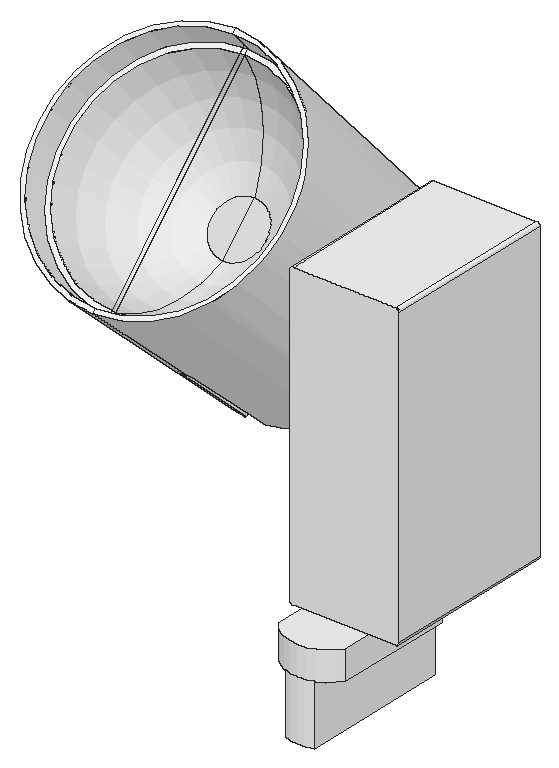
Revit family "0004930 Feilo Sylvania Lighting Fixture START TRACK SPOT L DALI 4405LM 930 WB WHT", category Lighting Fixtures, host Face, Revit 2017
Family settings
  Host = Face
  Round Connector Dimension = Use Diameter
  Part Type = Normal
  OmniClass Number = 23.80.70.00
  OmniClass Title = Lighting
  Cut with Voids When Loaded = No
  Light Source = No
  Shared = No
  Room Calculation Point = No
Parameters (values of type "0004930 START TRACK SPOT L DALI 4405LM 930 WB WHT")
  Weight = "1.398 kg"
  Wattage Comments = ""
  WarrantyStartDate [instance] = "n/a"
  WarrantyGuarantorParts = "n/a"
  WarrantyDurationUnit = "n/a"
  WarrantyDurationParts = "n/a"
  WarrantyDescription = "n/a"
  Voltage = 230 V
  URL = "http://www.sylvania-lighting.com/"
  TypeName = "START TRACK SPOT L DALI 4405LM 930 WB WHT"
  TypeHead_FEILO = Start Track Spot Head : 0004870 START TRACK SPOT L 55W 3K RA90 WB WHITE
  TypeBox_FEILO = Start Track Spot Box : Type Large White
  Type Image = <None>
  Type Comments = "n/a"
  VerticalRotation_FEILO [instance] = 0.00°
  SlideEndAngle_FEILO [instance] = VerticalRotation_FEILO + 180.00°  # 180.00°
  SerialNumber [instance] = "n/a"
  Material_3_FEILO = none
  PowerFactor = 0.96
  PowerConsumption = "55 W"
  NominalLength = 0 mm
  NominalHeight = 240 mm
  NominalDepth = 164 mm
  Name = "START TRACK SPOT L DALI 4405LM 930 WB WHT"
  ModelReference = Name  # "START TRACK SPOT L DALI 4405LM 930 WB WHT"
  ModelNumber = "0004930"
  Model = Name  # "START TRACK SPOT L DALI 4405LM 930 WB WHT"
  Material = "adc12 aluminium housing, polycarbonate diffuser"
  ManufacturerName = "Feilo Sylvania"
  Manufacturer = "Feilo Sylvania"
  LuminousEfficacy = "80 lm/W"
  LuminaireType = ""
  LightOutputRatio = "100"
  LampsType = Lamp  # "LED"
  LampNominalLuminous = "4405 lm"
  LampMacAdamStep = "3"
  LampColourTemperature = "3000 K"
  LampColourRenderingIndex = "90"
  Lamp = "LED"
  Keynote = "16500"
  InstallationDate [instance] = "n/a"
  InputVoltage = "230-240V~"
  InputNominalFrequency = "50/60 Hz"
  IngressProtection = "IP20"
  ImpactProtectionIndex = "IK02"
  IfcExportType = "IfcLightFixtureType"
  IfcExportAs = "IfcLightFixtureType"
  HorizontalRotation_FEILO [instance] = 45.00°
  ExpectedLife = 50000
  ElectricShockClassification = "Class II"
  DurationUnit = "hours"
  DocumentationLiterature = "http://www.sylvania-lighting.com/product/en-int/products/0004870"
  DimmingControlOptions = "Dimmable"
  Material_2_FEILO = none
  Description = "Integrated LED spotlight, Textured White - RAL9016, compact and minimalist design, ideal for retail applications, die-cast aluminium body, passive cooling heatsink. Beam angle: 52°, color temperature: 3000K , total system power: 55W, total fixture output: 4405 lm, LOR: 100%, colour rendering: Ra: 90 typical, LED Chromaticity: 3 step MacAdam ellipse, lifetime: >50000 hours at L70B50, energy class: A++, A+, A, IR/UV free light source without heat radiation, operating voltage: 220-240V / 50-60Hz, drive current: 1400mA, electronic driver, non-dimmable, power factor: 0.96, electrical protection: Class II, Global Track 3 Phase adapter suitable for Global trac 3-circuit tracks, ingress protection rating: IP20, suitable for internal environment only, horizontal rotation: 355°, vertical tilt: 90°, dimensions: Ø113x164x240, weight: 1.398kg."
  Default Elevation = 1219.2 mm
  CreatedOn = "04/26/2018"
  CreatedBy = ""
  Cost = 0
  built-in parameter 1114216 [instance] = (empty or 0)
  ClassificationValue = "EF_70_80"
  ClassificationName = "Uniclass2015"
  Material_1_FEILO = Body-Sylvania-StartTrackSpot-White
  BarCode [instance] = "n/a"
  AssetType = "Fixed"
  AssetIdentifier [instance] = "n/a"
  Assembly Code = "D5020200"
  Apparent Load = 55 VA
  Material_4_FEILO = none
Reference planes
  plane 1 "Center (Front/Back)": y = 0
  plane 2: z = 0
  plane 3 "Center (Left/Right)": x = 0
  plane 4: x = 15
  plane 5: x = -15
  plane 6: y = 35
  plane 7: y = -35
  plane 8: z = 13
  plane 9: z = -27
  plane 10: x = 6.5
  plane 11: x = -6.5
  plane 12: y = 27
  plane 13: y = -27
  plane 14: y = 20
Forms (mm)
  Extrusion 1, solid, material "Body-Sylvania-StartTrackSpot-White" <- "Material_1_FEILO"
    sketch origin (0, 0, 0) x (1, 0, 0) y (0, 1, 0)
      loop
        line (-15, 27) -> (-15, -27)
        arc (-15, -27) -> (0, -35) -> (15, -27) r 18.062
        line (15, -27) -> (15, 27)
        arc (15, 27) -> (0, 35) -> (-15, 27) r 18.062
    from 0 to 13
  Extrusion 2, solid, material "Body-Sylvania-StartTrackSpot-White" <- "Material_1_FEILO"
    sketch origin (0, 0, 0) x (1, 0, 0) y (0, 1, 0)
      loop
        arc (6.5, 33.79) -> (0, 35) -> (-6.5, 33.79) r 18.062
        line (-6.5, 33.79) -> (-6.5, -33.79)
        arc (-6.5, -33.79) -> (0, -35) -> (6.5, -33.79) r 18.062
        line (6.5, -33.79) -> (6.5, 33.79)
    from 0 to -27
  Revolve 3, solid, not visible
    sketch origin (1524, 20, 1219.2) x (1, 0, 0) y (0, 0, 1)
      loop
        line (-1524, -1206.2) -> (-1524, -1191.285) -> (-1530.5, -1191.285) -> (-1530.5, -1206.2) -> (-1524, -1206.2)
      axis (-1524, -1191.285) -> (-1524, -1206.2)
    angle from 0 <- "VerticalRotation_FEILO" to 180 <- "SlideEndAngle_FEILO"
Cuts and joins
  joined: Extrusion 1, Extrusion 2
Dimensions and locks
  equal spacing: plane 10, plane 3 "Center (Left/Right)", plane 11
  equal spacing: plane 4, plane 3 "Center (Left/Right)", plane 5
  locked: plane 8 to plane 2 at 13
  locked: plane 8 to plane 9 at 40
  equal spacing: plane 13, plane 1 "Center (Front/Back)", plane 12
  locked: plane 12 to plane 6 at 8
  locked: plane 14 to plane 6 at 15
  locked: Revolve 3 sketch curve to plane 8 at 14.915
  aligned and locked: plane 2 to host face
  aligned and locked: level to host face
  aligned and locked: plane 5 to Extrusion 1 sketch curve  (x2)
  aligned and locked: plane 12 to Extrusion 1 sketch curve
  aligned and locked: plane 13 to Extrusion 1 sketch curve
  aligned and locked: plane 4 to Extrusion 1 sketch curve
  aligned and locked: Extrusion 1 to plane 8
  aligned and locked: Extrusion 1 to level
  aligned and locked: Extrusion 2 sketch curve to Extrusion 1  (x2)
  aligned and locked: Extrusion 2 sketch curve to plane 11
  aligned and locked: plane 10 to Extrusion 2 sketch curve
  aligned and locked: plane 9 to Extrusion 2
  aligned and locked: level to Extrusion 2
  aligned and locked: Revolve 3 sketch curve to plane 3 "Center (Left/Right)"  (x2)
  aligned and locked: plane 11 to Revolve 3 sketch curve
  aligned and locked: Revolve 3 sketch curve to plane 8
Automatic sketch dimensions
  host sketch curve to host sketch curve = 2438.4 mm  (x2)
  Extrusion 1 sketch curve to plane 3 "Center (Left/Right)" = 0 mm  (x2)
  Extrusion 1 sketch curve to plane 13 = 10.062 mm
  plane 12 to Extrusion 1 sketch curve = 10.062 mm
  Revolve 3 sketch curve to plane 3 "Center (Left/Right)" = 0 mm
  plane 9 to Revolve 3 sketch curve = 582.6 mm
  Revolve 3 sketch curve to Revolve 3 sketch curve = 2581.144 mm
Nested families
  nested 1: "Start Track Spot Head" at (-75.5, 20, 133) x (0, 0.7071, 0.7071) z (0, 0.7071, -0.7071), type <- "TypeHead_FEILO", type "0004870 START TRACK SPOT L 55W 3K RA90 WB WHITE"
    with built-in parameter 1114216 (empty or 0)
  nested 2: "Start Track Spot Box" at (8.5, 20, 85) x (-1, 0, 0) z (0, -1, 0), BoxStartAngle_FEILO <- "HorizontalRotation_FEILO", type <- "TypeBox_FEILO", type "Type Large White"
    with BoxStartAngle_FEILO 45.00°, BoxEndAngle_FEILO -135.00°
Connectors
  electrical at (0, 0, 0), driven by "Apparent Load", driven by "PowerFactor", driven by "Voltage"
    settings: index 1, voltage 230 V, apparent load 55 VA, apparent load phase1 0 VA, apparent load phase2 0 VA, apparent load phase3 0 VA, power factor 0.96, load classification "Lighting", number of poles 1, system type 30, power factor state 1, is connector primary yes, connector utility no, sub classification motor no, connector description ""
Definition of nested family "Start Track Spot Head"
  Parameters (values of type "0004811 START TRACK SPOT S 14W 3K RA80 NB WHITE")
    Wattage Comments = "n/a"
    Wattage = 14 W
    built-in parameter 1150110 = 1 (stored number, unit not read)
    URL = "http://www.feilosylvania.com"
    Type Image = (empty or 0)
    Type Comments = "n/a"
    built-in parameter 1114217 = 1 (stored number, unit not read)
    Tilt Angle = -90.00°
    built-in parameter 1150109 = 1 (stored number, unit not read)
    built-in parameter 1150134 = (empty or 0)
    built-in parameter 1150113 = 1 (stored number, unit not read)
    Photometric Web File = "0004811.ies"
    Material_3_FEILO = none
    Model = "START TRACK SPOT S 14W 3K RA80 NB WHITE"
    Manufacturer = "Feilo Sylvania"
    built-in parameter 1150105 = 123.66 (stored number, unit not read)
    Lumens = 1554 lm
    built-in parameter 1150115 = 1 (stored number, unit not read)
    built-in parameter 1150137 = (empty or 0)
    built-in parameter 1150139 = (empty or 0)
    built-in parameter 1150112 = 1 (stored number, unit not read)
    built-in parameter 1150114 = 1 (stored number, unit not read)
    Lamp = "LED"
    Keynote = "16500"
    Material_2_FEILO = none
    built-in parameter 1150132 = (empty or 0)
    built-in parameter 1150102 = (empty or 0)
    built-in parameter 1150107 = 3000 (stored number, unit not read)
    built-in parameter 1150138 = (empty or 0)
    built-in parameter 1150106 = 1.2366 (stored number, unit not read)
    HeadThickness_FEILO = if(HeadDiaOut_FEILO > 112 mm, 2 mm, 1.5 mm)  # 1.5 mm
    HeadRibOffset_FEILO = HeadHeight_FEILO / 28  # 4.179 mm
    HeadRibDepth_FEILO = HeadHeight_FEILO / 2.1  # 55.714 mm
    HeadRibCutWidth_FEILO = HeadDiaOut_FEILO / 12  # 7.167 mm
    HeadRibCutOffset_FEILO = HeadHeight_FEILO / 2.3  # 50.87 mm
    HeadReflectorRadius_FEILO = HeadDiaOut_FEILO / 1.7  # 50.588 mm
    HeadReflectorOffset_FEILO = HeadHeight_FEILO / 2.1  # 55.714 mm
    HeadLEDRadius_FEILO = HeadDiaOut_FEILO / 9  # 9.556 mm
    HeadHeight_FEILO = 117 mm
    HeadDraft_FEILO = 1 mm
    HeadDiffusorThickness_FEILO = 3 mm
    HeadDiffusorOffset_FEILO = HeadHeight_FEILO / 12.4  # 9.435 mm
    HeadDiaOut_FEILO = 86 mm
    HeadDiaIn_FEILO = HeadDiaOut_FEILO / 1.11  # 77.477 mm
    HeadAxisFromTop_FEILO = HeadHeight_FEILO / 1.687  # 69.354 mm
    Emit from Circle Diameter = HeadDiaIn_FEILO  # 77.477 mm
    Emit Shape Visible in Rendering = no
    built-in parameter 1150104 = 10.312 (stored number, unit not read)
    Dimming Lamp Color Temperature Shift = (empty or 0)
    Description = "Integrated LED spotlight, Textured White - RAL9016, compact and minimalist design, ideal for retail applications, die-cast aluminium body, passive cooling heatsink. Beam angle: 12°, color temperature: 3000K , total system power: 14W, total fixture output: 1551 lm, LOR: 100%, colour rendering: Ra: 80 typical, LED Chromaticity: 3 step MacAdam ellipse, lifetime: >50000 hours at L70B50, energy class: A++, A+, A, IR/UV free light source without heat radiation, operating voltage: 220-240V / 50-60Hz, drive current: 350mA, electronic driver, non-dimmable, power factor: 0.92, electrical protection: Class II, Global Track 3 Phase adapter suitable for Global trac 3-circuit tracks, ingress protection rating: IP20, suitable for internal environment only, horizontal rotation: 355°, vertical tilt: 90°, dimensions: Ø86x140x200, weight: 0.940kg."
    Default Elevation = 1219.2 mm
    Cost = 0
    Color Filter = 16777215
    built-in parameter 1114216 [instance] = (empty or 0)
    Material_1_FEILO = none
    built-in parameter 1114218 = 1 (stored number, unit not read)
    built-in parameter 1150133 = 10 (stored number, unit not read)
    Assembly Code = "D5020200"
    Apparent Load = 14 VA
    Material_4_FEILO = none
  Types (96, lengths in mm): name | Wattage | built-in parameter 1150134 | Photometric Web File | Model | built-in parameter 1150105 | Lumens | built-in parameter 1150107 | built-in parameter 1150106 | HeadThickness_FEILO | HeadRibOffset_FEILO | HeadRibDepth_FEILO | HeadRibCutWidth_FEILO | HeadRibCutOffset_FEILO | HeadReflectorRadius_FEILO | HeadReflectorOffset_FEILO | HeadLEDRadius_FEILO | HeadHeight_FEILO | HeadDiffusorOffset_FEILO | HeadDiaOut_FEILO | HeadDiaIn_FEILO | HeadAxisFromTop_FEILO | Emit from Circle Diameter | built-in parameter 1150104 | Description | Apparent Load
    0004906 START TRACK SPOT L 55W 4K RA90 WB BLACK | 55 W | 12 | "0004906.ies" | "START TRACK SPOT L 55W 4K RA90 WB BLACK" | 385.15 (stored number, unit not read) | 4840 lm | 4000 (stored number, unit not read) | 3.8515 (stored number, unit not read) | 2 | 4.429 | 59.048 | 9.417 | 53.913 | 66.471 | 59.048 | 12.556 | 124 | 10 | 113 | 101.802 | 73.503 | 101.802 | 8.1755 (stored number, unit not read) | "Integrated LED spotlight, Textured Black - RAL9005, compact and minimalist design, ideal for retail applications, die-cast aluminium body, passive cooling heatsink. Beam angle: 52°, color temperature: 4000K , total system power: 55W, total fixture output: 4824 lm, LOR: 100%, colour rendering: Ra: 90 typical, LED Chromaticity: 3 step MacAdam ellipse, lifetime: >50000 hours at L70B50, energy class: A++, A+, A, IR/UV free light source without heat radiation, operating voltage: 220-240V / 50-60Hz, drive current: 1400mA, electronic driver, non-dimmable, power factor: 0.96, electrical protection: Class II, Global Track 3 Phase adapter suitable for Global trac 3-circuit tracks, ingress protection rating: IP20, suitable for internal environment only, horizontal rotation: 355°, vertical tilt: 90°, dimensions: Ø113x164x240, weight: 1.398kg." | 55 VA
    0004905 START TRACK SPOT L 55W 4K RA90 MB BLACK | 55 W | 12 | "0004905.ies" | "START TRACK SPOT L 55W 4K RA90 MB BLACK" | 389.53 (stored number, unit not read) | 4895 lm | 4000 (stored number, unit not read) | 3.8953 (stored number, unit not read) | 2 | 4.429 | 59.048 | 9.417 | 53.913 | 66.471 | 59.048 | 12.556 | 124 | 10 | 113 | 101.802 | 73.503 | 101.802 | 8.2684 (stored number, unit not read) | "Integrated LED spotlight, Textured Black - RAL9005, compact and minimalist design, ideal for retail applications, die-cast aluminium body, passive cooling heatsink. Beam angle: 38°, color temperature: 4000K , total system power: 55W, total fixture output: 4897 lm, LOR: 100%, colour rendering: Ra: 90 typical, LED Chromaticity: 3 step MacAdam ellipse, lifetime: >50000 hours at L70B50, energy class: A++, A+, A, IR/UV free light source without heat radiation, operating voltage: 220-240V / 50-60Hz, drive current: 1400mA, electronic driver, non-dimmable, power factor: 0.96, electrical protection: Class II, Global Track 3 Phase adapter suitable for Global trac 3-circuit tracks, ingress protection rating: IP20, suitable for internal environment only, horizontal rotation: 355°, vertical tilt: 90°, dimensions: Ø113x164x240, weight: 1.398kg." | 55 VA
    0004904 START TRACK SPOT L 55W 4K RA90 NB BLACK | 55 W | 12 | "0004904.ies" | "START TRACK SPOT L 55W 4K RA90 NB BLACK" | 393.91 (stored number, unit not read) | 4950 lm | 4000 (stored number, unit not read) | 3.9391 (stored number, unit not read) | 2 | 4.429 | 59.048 | 9.417 | 53.913 | 66.471 | 59.048 | 12.556 | 124 | 10 | 113 | 101.802 | 73.503 | 101.802 | 8.3613 (stored number, unit not read) | "Integrated LED spotlight, Textured Black - RAL9005, compact and minimalist design, ideal for retail applications, die-cast aluminium body, passive cooling heatsink. Beam angle: 15°, color temperature: 4000K , total system power: 55W, total fixture output: 4965 lm, LOR: 100%, colour rendering: Ra: 90 typical, LED Chromaticity: 3 step MacAdam ellipse, lifetime: >50000 hours at L70B50, energy class: A++, A+, A, IR/UV free light source without heat radiation, operating voltage: 220-240V / 50-60Hz, drive current: 1400mA, electronic driver, non-dimmable, power factor: 0.96, electrical protection: Class II, Global Track 3 Phase adapter suitable for Global trac 3-circuit tracks, ingress protection rating: IP20, suitable for internal environment only, horizontal rotation: 355°, vertical tilt: 90°, dimensions: Ø113x164x240, weight: 1.398kg." | 55 VA
    0004903 START TRACK SPOT L 35W 4K RA90 WB BLACK | 35 W | 12 | "0004903.ies" | "START TRACK SPOT L 35W 4K RA90 WB BLACK" | 284.09 (stored number, unit not read) | 3570 lm | 4000 (stored number, unit not read) | 2.8409 (stored number, unit not read) | 2 | 4.429 | 59.048 | 9.417 | 53.913 | 66.471 | 59.048 | 12.556 | 124 | 10 | 113 | 101.802 | 73.503 | 101.802 | 9.4761 (stored number, unit not read) | "Integrated LED spotlight, Textured Black - RAL9005, compact and minimalist design, ideal for retail applications, die-cast aluminium body, passive cooling heatsink. Beam angle: 52°, color temperature: 4000K , total system power: 35W, total fixture output: 3562 lm, LOR: 100%, colour rendering: Ra: 90 typical, LED Chromaticity: 3 step MacAdam ellipse, lifetime: >50000 hours at L70B50, energy class: A++, A+, A, IR/UV free light source without heat radiation, operating voltage: 220-240V / 50-60Hz, drive current: 900mA, electronic driver, non-dimmable, power factor: 0.93, electrical protection: Class II, Global Track 3 Phase adapter suitable for Global trac 3-circuit tracks, ingress protection rating: IP20, suitable for internal environment only, horizontal rotation: 355°, vertical tilt: 90°, dimensions: Ø113x164x240, weight: 1.368kg." | 35 VA
    0004902 START TRACK SPOT L 35W 4K RA90 MB BLACK | 35 W | 12 | "0004902.ies" | "START TRACK SPOT L 35W 4K RA90 MB BLACK" | 286.88 (stored number, unit not read) | 3605 lm | 4000 (stored number, unit not read) | 2.8688 (stored number, unit not read) | 2 | 4.429 | 59.048 | 9.417 | 53.913 | 66.471 | 59.048 | 12.556 | 124 | 10 | 113 | 101.802 | 73.503 | 101.802 | 9.569 (stored number, unit not read) | "Integrated LED spotlight, Textured Black - RAL9005, compact and minimalist design, ideal for retail applications, die-cast aluminium body, passive cooling heatsink. Beam angle: 38°, color temperature: 4000K , total system power: 35W, total fixture output: 3616 lm, LOR: 100%, colour rendering: Ra: 90 typical, LED Chromaticity: 3 step MacAdam ellipse, lifetime: >50000 hours at L70B50, energy class: A++, A+, A, IR/UV free light source without heat radiation, operating voltage: 220-240V / 50-60Hz, drive current: 900mA, electronic driver, non-dimmable, power factor: 0.93, electrical protection: Class II, Global Track 3 Phase adapter suitable for Global trac 3-circuit tracks, ingress protection rating: IP20, suitable for internal environment only, horizontal rotation: 355°, vertical tilt: 90°, dimensions: Ø113x164x240, weight: 1.368kg." | 35 VA
    0004901 START TRACK SPOT L 35W 4K RA90 NB BLACK | 35 W | 12 | "0004901.ies" | "START TRACK SPOT L 35W 4K RA90 NB BLACK" | 286.88 (stored number, unit not read) | 3605 lm | 4000 (stored number, unit not read) | 2.8688 (stored number, unit not read) | 2 | 4.429 | 59.048 | 9.417 | 53.913 | 66.471 | 59.048 | 12.556 | 124 | 10 | 113 | 101.802 | 73.503 | 101.802 | 9.569 (stored number, unit not read) | "Integrated LED spotlight, Textured Black - RAL9005, compact and minimalist design, ideal for retail applications, die-cast aluminium body, passive cooling heatsink. Beam angle: 15°, color temperature: 4000K , total system power: 35W, total fixture output: 3593 lm, LOR: 100%, colour rendering: Ra: 90 typical, LED Chromaticity: 3 step MacAdam ellipse, lifetime: >50000 hours at L70B50, energy class: A++, A+, A, IR/UV free light source without heat radiation, operating voltage: 220-240V / 50-60Hz, drive current: 900mA, electronic driver, non-dimmable, power factor: 0.93, electrical protection: Class II, Global Track 3 Phase adapter suitable for Global trac 3-circuit tracks, ingress protection rating: IP20, suitable for internal environment only, horizontal rotation: 355°, vertical tilt: 90°, dimensions: Ø113x164x240, weight: 1.368kg." | 35 VA
    0004900 START TRACK SPOT S 24W 4K RA90 WB BLACK | 24 W | 12 | "0004900.ies" | "START TRACK SPOT S 24W 4K RA90 WB BLACK" | 166.16 (stored number, unit not read) | 2088 lm | 4000 (stored number, unit not read) | 1.6616 (stored number, unit not read) | 1.5 | 4.179 | 55.714 | 7.167 | 50.87 | 50.588 | 55.714 | 9.556 | 117 | 9.435 | 86 | 77.477 | 69.354 | 77.477 | 8.0826 (stored number, unit not read) | "Integrated LED spotlight, Textured Black - RAL9005, compact and minimalist design, ideal for retail applications, die-cast aluminium body, passive cooling heatsink. Beam angle: 64°, color temperature: 4000K , total system power: 24W, total fixture output: 2087 lm, LOR: 100%, colour rendering: Ra: 90 typical, LED Chromaticity: 3 step MacAdam ellipse, lifetime: >50000 hours at L70B50, energy class: A++, A+, A, IR/UV free light source without heat radiation, operating voltage: 220-240V / 50-60Hz, drive current: 600mA, electronic driver, non-dimmable, power factor: 0.95, electrical protection: Class II, Global Track 3 Phase adapter suitable for Global trac 3-circuit tracks, ingress protection rating: IP20, suitable for internal environment only, horizontal rotation: 355°, vertical tilt: 90°, dimensions: Ø86x140x200, weight: 0.966kg." | 24 VA
    0004899 START TRACK SPOT S 24W 4K RA90 MB BLACK | 24 W | 12 | "0004899.ies" | "START TRACK SPOT S 24W 4K RA90 MB BLACK" | 169.98 (stored number, unit not read) | 2136 lm | 4000 (stored number, unit not read) | 1.6998 (stored number, unit not read) | 1.5 | 4.179 | 55.714 | 7.167 | 50.87 | 50.588 | 55.714 | 9.556 | 117 | 9.435 | 86 | 77.477 | 69.354 | 77.477 | 8.2684 (stored number, unit not read) | "Integrated LED spotlight, Textured Black - RAL9005, compact and minimalist design, ideal for retail applications, die-cast aluminium body, passive cooling heatsink. Beam angle: 36°, color temperature: 4000K , total system power: 24W, total fixture output: 2141 lm, LOR: 100%, colour rendering: Ra: 90 typical, LED Chromaticity: 3 step MacAdam ellipse, lifetime: >50000 hours at L70B50, energy class: A++, A+, A, IR/UV free light source without heat radiation, operating voltage: 220-240V / 50-60Hz, drive current: 600mA, electronic driver, non-dimmable, power factor: 0.95, electrical protection: Class II, Global Track 3 Phase adapter suitable for Global trac 3-circuit tracks, ingress protection rating: IP20, suitable for internal environment only, horizontal rotation: 355°, vertical tilt: 90°, dimensions: Ø86x140x200, weight: 0.966kg." | 24 VA
    0004898 START TRACK SPOT S 24W 4K RA90 NB BLACK | 24 W | 12 | "0004898.ies" | "START TRACK SPOT S 24W 4K RA90 NB BLACK" | 171.89 (stored number, unit not read) | 2160 lm | 4000 (stored number, unit not read) | 1.7189 (stored number, unit not read) | 1.5 | 4.179 | 55.714 | 7.167 | 50.87 | 50.588 | 55.714 | 9.556 | 117 | 9.435 | 86 | 77.477 | 69.354 | 77.477 | 8.3613 (stored number, unit not read) | "Integrated LED spotlight, Textured Black - RAL9005, compact and minimalist design, ideal for retail applications, die-cast aluminium body, passive cooling heatsink. Beam angle: 12°, color temperature: 4000K , total system power: 24W, total fixture output: 2155 lm, LOR: 100%, colour rendering: Ra: 90 typical, LED Chromaticity: 3 step MacAdam ellipse, lifetime: >50000 hours at L70B50, energy class: A++, A+, A, IR/UV free light source without heat radiation, operating voltage: 220-240V / 50-60Hz, drive current: 600mA, electronic driver, non-dimmable, power factor: 0.95, electrical protection: Class II, Global Track 3 Phase adapter suitable for Global trac 3-circuit tracks, ingress protection rating: IP20, suitable for internal environment only, horizontal rotation: 355°, vertical tilt: 90°, dimensions: Ø86x140x200, weight: 0.966kg." | 24 VA
    0004897 START TRACK SPOT S 14W 4K RA90 WB BLACK | 14 W | 12 | "0004897.ies" | "START TRACK SPOT S 14W 4K RA90 WB BLACK" | 108.07 (stored number, unit not read) | 1358 lm | 4000 (stored number, unit not read) | 1.0807 (stored number, unit not read) | 1.5 | 4.179 | 55.714 | 7.167 | 50.87 | 50.588 | 55.714 | 9.556 | 117 | 9.435 | 86 | 77.477 | 69.354 | 77.477 | 9.0116 (stored number, unit not read) | "Integrated LED spotlight, Textured Black - RAL9005, compact and minimalist design, ideal for retail applications, die-cast aluminium body, passive cooling heatsink. Beam angle: 64°, color temperature: 4000K , total system power: 14W, total fixture output: 1352 lm, LOR: 100%, colour rendering: Ra: 90 typical, LED Chromaticity: 3 step MacAdam ellipse, lifetime: >50000 hours at L70B50, energy class: A++, A+, A, IR/UV free light source without heat radiation, operating voltage: 220-240V / 50-60Hz, drive current: 350mA, electronic driver, non-dimmable, power factor: 0.92, electrical protection: Class II, Global Track 3 Phase adapter suitable for Global trac 3-circuit tracks, ingress protection rating: IP20, suitable for internal environment only, horizontal rotation: 355°, vertical tilt: 90°, dimensions: Ø86x140x200, weight: 0.940kg." | 14 VA
    0004896 START TRACK SPOT S 14W 4K RA90 MB BLACK | 14 W | 12 | "0004896.ies" | "START TRACK SPOT S 14W 4K RA90 MB BLACK" | 108.07 (stored number, unit not read) | 1358 lm | 4000 (stored number, unit not read) | 1.0807 (stored number, unit not read) | 1.5 | 4.179 | 55.714 | 7.167 | 50.87 | 50.588 | 55.714 | 9.556 | 117 | 9.435 | 86 | 77.477 | 69.354 | 77.477 | 9.0116 (stored number, unit not read) | "Integrated LED spotlight, Textured Black - RAL9005, compact and minimalist design, ideal for retail applications, die-cast aluminium body, passive cooling heatsink. Beam angle: 36°, color temperature: 4000K , total system power: 14W, total fixture output: 1359 lm, LOR: 100%, colour rendering: Ra: 90 typical, LED Chromaticity: 3 step MacAdam ellipse, lifetime: >50000 hours at L70B50, energy class: A++, A+, A, IR/UV free light source without heat radiation, operating voltage: 220-240V / 50-60Hz, drive current: 350mA, electronic driver, non-dimmable, power factor: 0.92, electrical protection: Class II, Global Track 3 Phase adapter suitable for Global trac 3-circuit tracks, ingress protection rating: IP20, suitable for internal environment only, horizontal rotation: 355°, vertical tilt: 90°, dimensions: Ø86x140x200, weight: 0.940kg." | 14 VA
    0004895 START TRACK SPOT S 14W 4K RA90 NB BLACK | 14 W | 12 | "0004895.ies" | "START TRACK SPOT S 14W 4K RA90 NB BLACK" | 106.95 (stored number, unit not read) | 1344 lm | 4000 (stored number, unit not read) | 1.0695 (stored number, unit not read) | 1.5 | 4.179 | 55.714 | 7.167 | 50.87 | 50.588 | 55.714 | 9.556 | 117 | 9.435 | 86 | 77.477 | 69.354 | 77.477 | 8.9187 (stored number, unit not read) | "Integrated LED spotlight, Textured Black - RAL9005, compact and minimalist design, ideal for retail applications, die-cast aluminium body, passive cooling heatsink. Beam angle: 12°, color temperature: 4000K , total system power: 14W, total fixture output: 1349 lm, LOR: 100%, colour rendering: Ra: 90 typical, LED Chromaticity: 3 step MacAdam ellipse, lifetime: >50000 hours at L70B50, energy class: A++, A+, A, IR/UV free light source without heat radiation, operating voltage: 220-240V / 50-60Hz, drive current: 350mA, electronic driver, non-dimmable, power factor: 0.92, electrical protection: Class II, Global Track 3 Phase adapter suitable for Global trac 3-circuit tracks, ingress protection rating: IP20, suitable for internal environment only, horizontal rotation: 355°, vertical tilt: 90°, dimensions: Ø86x140x200, weight: 0.940kg." | 14 VA
    0004894 START TRACK SPOT L 55W 3K RA90 WB BLACK | 55 W | (empty or 0) | "0004894.ies" | "START TRACK SPOT L 55W 3K RA90 WB BLACK" | 350.14 (stored number, unit not read) | 4400 lm | 3000 (stored number, unit not read) | 3.5014 (stored number, unit not read) | 2 | 4.429 | 59.048 | 9.417 | 53.913 | 66.471 | 59.048 | 12.556 | 124 | 10 | 113 | 101.802 | 73.503 | 101.802 | 7.4322 (stored number, unit not read) | "Integrated LED spotlight, Textured Black - RAL9005, compact and minimalist design, ideal for retail applications, die-cast aluminium body, passive cooling heatsink. Beam angle: 52°, color temperature: 3000K , total system power: 55W, total fixture output: 4405 lm, LOR: 100%, colour rendering: Ra: 90 typical, LED Chromaticity: 3 step MacAdam ellipse, lifetime: >50000 hours at L70B50, energy class: A++, A+, A, IR/UV free light source without heat radiation, operating voltage: 220-240V / 50-60Hz, drive current: 1400mA, electronic driver, non-dimmable, power factor: 0.96, electrical protection: Class II, Global Track 3 Phase adapter suitable for Global trac 3-circuit tracks, ingress protection rating: IP20, suitable for internal environment only, horizontal rotation: 355°, vertical tilt: 90°, dimensions: Ø113x164x240, weight: 1.398kg." | 55 VA
    0004893 START TRACK SPOT L 55W 3K RA90 MB BLACK | 55 W | (empty or 0) | "0004893.ies" | "START TRACK SPOT L 55W 3K RA90 MB BLACK" | 354.52 (stored number, unit not read) | 4455 lm | 3000 (stored number, unit not read) | 3.5452 (stored number, unit not read) | 2 | 4.429 | 59.048 | 9.417 | 53.913 | 66.471 | 59.048 | 12.556 | 124 | 10 | 113 | 101.802 | 73.503 | 101.802 | 7.5251 (stored number, unit not read) | "Integrated LED spotlight, Textured Black - RAL9005, compact and minimalist design, ideal for retail applications, die-cast aluminium body, passive cooling heatsink. Beam angle: 38°, color temperature: 3000K , total system power: 55W, total fixture output: 4448 lm, LOR: 100%, colour rendering: Ra: 90 typical, LED Chromaticity: 3 step MacAdam ellipse, lifetime: >50000 hours at L70B50, energy class: A++, A+, A, IR/UV free light source without heat radiation, operating voltage: 220-240V / 50-60Hz, drive current: 1400mA, electronic driver, non-dimmable, power factor: 0.96, electrical protection: Class II, Global Track 3 Phase adapter suitable for Global trac 3-circuit tracks, ingress protection rating: IP20, suitable for internal environment only, horizontal rotation: 355°, vertical tilt: 90°, dimensions: Ø113x164x240, weight: 1.398kg." | 55 VA
    0004892 START TRACK SPOT L 55W 3K RA90 NB BLACK | 55 W | (empty or 0) | "0004892.ies" | "START TRACK SPOT L 55W 3K RA90 NB BLACK" | 350.14 (stored number, unit not read) | 4400 lm | 3000 (stored number, unit not read) | 3.5014 (stored number, unit not read) | 2 | 4.429 | 59.048 | 9.417 | 53.913 | 66.471 | 59.048 | 12.556 | 124 | 10 | 113 | 101.802 | 73.503 | 101.802 | 7.4322 (stored number, unit not read) | "Integrated LED spotlight, Textured Black - RAL9005, compact and minimalist design, ideal for retail applications, die-cast aluminium body, passive cooling heatsink. Beam angle: 15°, color temperature: 3000K , total system power: 55W, total fixture output: 4416 lm, LOR: 100%, colour rendering: Ra: 90 typical, LED Chromaticity: 3 step MacAdam ellipse, lifetime: >50000 hours at L70B50, energy class: A++, A+, A, IR/UV free light source without heat radiation, operating voltage: 220-240V / 50-60Hz, drive current: 1400mA, electronic driver, non-dimmable, power factor: 0.96, electrical protection: Class II, Global Track 3 Phase adapter suitable for Global trac 3-circuit tracks, ingress protection rating: IP20, suitable for internal environment only, horizontal rotation: 355°, vertical tilt: 90°, dimensions: Ø113x164x240, weight: 1.398kg." | 55 VA
    0004891 START TRACK SPOT L 35W 3K RA90 WB BLACK | 35 W | (empty or 0) | "0004891.ies" | "START TRACK SPOT L 35W 3K RA90 WB BLACK" | 259.02 (stored number, unit not read) | 3255 lm | 3000 (stored number, unit not read) | 2.5902 (stored number, unit not read) | 2 | 4.429 | 59.048 | 9.417 | 53.913 | 66.471 | 59.048 | 12.556 | 124 | 10 | 113 | 101.802 | 73.503 | 101.802 | 8.64 (stored number, unit not read) | "Integrated LED spotlight, Textured Black - RAL9005, compact and minimalist design, ideal for retail applications, die-cast aluminium body, passive cooling heatsink. Beam angle: 52°, color temperature: 3000K , total system power: 35W, total fixture output: 3260 lm, LOR: 100%, colour rendering: Ra: 90 typical, LED Chromaticity: 3 step MacAdam ellipse, lifetime: >50000 hours at L70B50, energy class: A++, A+, A, IR/UV free light source without heat radiation, operating voltage: 220-240V / 50-60Hz, drive current: 900mA, electronic driver, non-dimmable, power factor: 0.93, electrical protection: Class II, Global Track 3 Phase adapter suitable for Global trac 3-circuit tracks, ingress protection rating: IP20, suitable for internal environment only, horizontal rotation: 355°, vertical tilt: 90°, dimensions: Ø113x164x240, weight: 1.368kg." | 35 VA
    0004890 START TRACK SPOT L 35W 3K RA90 MB BLACK | 35 W | (empty or 0) | "0004890.ies" | "START TRACK SPOT L 35W 3K RA90 MB BLACK" | 261.81 (stored number, unit not read) | 3290 lm | 3000 (stored number, unit not read) | 2.6181 (stored number, unit not read) | 2 | 4.429 | 59.048 | 9.417 | 53.913 | 66.471 | 59.048 | 12.556 | 124 | 10 | 113 | 101.802 | 73.503 | 101.802 | 8.7329 (stored number, unit not read) | "Integrated LED spotlight, Textured Black - RAL9005, compact and minimalist design, ideal for retail applications, die-cast aluminium body, passive cooling heatsink. Beam angle: 38°, color temperature: 3000K , total system power: 35W, total fixture output: 3306 lm, LOR: 100%, colour rendering: Ra: 90 typical, LED Chromaticity: 3 step MacAdam ellipse, lifetime: >50000 hours at L70B50, energy class: A++, A+, A, IR/UV free light source without heat radiation, operating voltage: 220-240V / 50-60Hz, drive current: 900mA, electronic driver, non-dimmable, power factor: 0.93, electrical protection: Class II, Global Track 3 Phase adapter suitable for Global trac 3-circuit tracks, ingress protection rating: IP20, suitable for internal environment only, horizontal rotation: 355°, vertical tilt: 90°, dimensions: Ø113x164x240, weight: 1.368kg." | 35 VA
    0004889 START TRACK SPOT L 35W 3K RA90 NB BLACK | 35 W | (empty or 0) | "0004889.ies" | "START TRACK SPOT L 35W 3K RA90 NB BLACK" | 261.81 (stored number, unit not read) | 3290 lm | 3000 (stored number, unit not read) | 2.6181 (stored number, unit not read) | 2 | 4.429 | 59.048 | 9.417 | 53.913 | 66.471 | 59.048 | 12.556 | 124 | 10 | 113 | 101.802 | 73.503 | 101.802 | 8.7329 (stored number, unit not read) | "Integrated LED spotlight, Textured Black - RAL9005, compact and minimalist design, ideal for retail applications, die-cast aluminium body, passive cooling heatsink. Beam angle: 15°, color temperature: 3000K , total system power: 35W, total fixture output: 3287 lm, LOR: 100%, colour rendering: Ra: 90 typical, LED Chromaticity: 3 step MacAdam ellipse, lifetime: >50000 hours at L70B50, energy class: A++, A+, A, IR/UV free light source without heat radiation, operating voltage: 220-240V / 50-60Hz, drive current: 900mA, electronic driver, non-dimmable, power factor: 0.93, electrical protection: Class II, Global Track 3 Phase adapter suitable for Global trac 3-circuit tracks, ingress protection rating: IP20, suitable for internal environment only, horizontal rotation: 355°, vertical tilt: 90°, dimensions: Ø113x164x240, weight: 1.368kg." | 35 VA
    0004888 START TRACK SPOT S 24W 3K RA90 WB BLACK | 24 W | (empty or 0) | "0004888.ies" | "START TRACK SPOT S 24W 3K RA90 WB BLACK" | 152.79 (stored number, unit not read) | 1920 lm | 3000 (stored number, unit not read) | 1.5279 (stored number, unit not read) | 1.5 | 4.179 | 55.714 | 7.167 | 50.87 | 50.588 | 55.714 | 9.556 | 117 | 9.435 | 86 | 77.477 | 69.354 | 77.477 | 7.4322 (stored number, unit not read) | "Integrated LED spotlight, Textured Black - RAL9005, compact and minimalist design, ideal for retail applications, die-cast aluminium body, passive cooling heatsink. Beam angle: 64°, color temperature: 3000K , total system power: 24W, total fixture output: 1928 lm, LOR: 100%, colour rendering: Ra: 90 typical, LED Chromaticity: 3 step MacAdam ellipse, lifetime: >50000 hours at L70B50, energy class: A++, A+, A, IR/UV free light source without heat radiation, operating voltage: 220-240V / 50-60Hz, drive current: 600mA, electronic driver, non-dimmable, power factor: 0.95, electrical protection: Class II, Global Track 3 Phase adapter suitable for Global trac 3-circuit tracks, ingress protection rating: IP20, suitable for internal environment only, horizontal rotation: 355°, vertical tilt: 90°, dimensions: Ø86x140x200, weight: 0.966kg." | 24 VA
    0004887 START TRACK SPOT S 24W 3K RA90 MB BLACK | 24 W | (empty or 0) | "0004887.ies" | "START TRACK SPOT S 24W 3K RA90 MB BLACK" | 154.7 (stored number, unit not read) | 1944 lm | 3000 (stored number, unit not read) | 1.547 (stored number, unit not read) | 1.5 | 4.179 | 55.714 | 7.167 | 50.87 | 50.588 | 55.714 | 9.556 | 117 | 9.435 | 86 | 77.477 | 69.354 | 77.477 | 7.5251 (stored number, unit not read) | "Integrated LED spotlight, Textured Black - RAL9005, compact and minimalist design, ideal for retail applications, die-cast aluminium body, passive cooling heatsink. Beam angle: 36°, color temperature: 3000K , total system power: 24W, total fixture output: 1944 lm, LOR: 100%, colour rendering: Ra: 90 typical, LED Chromaticity: 3 step MacAdam ellipse, lifetime: >50000 hours at L70B50, energy class: A++, A+, A, IR/UV free light source without heat radiation, operating voltage: 220-240V / 50-60Hz, drive current: 600mA, electronic driver, non-dimmable, power factor: 0.95, electrical protection: Class II, Global Track 3 Phase adapter suitable for Global trac 3-circuit tracks, ingress protection rating: IP20, suitable for internal environment only, horizontal rotation: 355°, vertical tilt: 90°, dimensions: Ø86x140x200, weight: 0.966kg." | 24 VA
    0004886 START TRACK SPOT S 24W 3K RA90 NB BLACK | 24 W | (empty or 0) | "0004886.ies" | "START TRACK SPOT S 24W 3K RA90 NB BLACK" | 158.52 (stored number, unit not read) | 1992 lm | 3000 (stored number, unit not read) | 1.5852 (stored number, unit not read) | 1.5 | 4.179 | 55.714 | 7.167 | 50.87 | 50.588 | 55.714 | 9.556 | 117 | 9.435 | 86 | 77.477 | 69.354 | 77.477 | 7.711 (stored number, unit not read) | "Integrated LED spotlight, Textured Black - RAL9005, compact and minimalist design, ideal for retail applications, die-cast aluminium body, passive cooling heatsink. Beam angle: 12°, color temperature: 3000K , total system power: 24W, total fixture output: 1987 lm, LOR: 100%, colour rendering: Ra: 90 typical, LED Chromaticity: 3 step MacAdam ellipse, lifetime: >50000 hours at L70B50, energy class: A++, A+, A, IR/UV free light source without heat radiation, operating voltage: 220-240V / 50-60Hz, drive current: 600mA, electronic driver, non-dimmable, power factor: 0.95, electrical protection: Class II, Global Track 3 Phase adapter suitable for Global trac 3-circuit tracks, ingress protection rating: IP20, suitable for internal environment only, horizontal rotation: 355°, vertical tilt: 90°, dimensions: Ø86x140x200, weight: 0.966kg." | 24 VA
    0004885 START TRACK SPOT S 14W 3K RA90 WB BLACK | 14 W | (empty or 0) | "0004885.ies" | "START TRACK SPOT S 14W 3K RA90 WB BLACK" | 100.27 (stored number, unit not read) | 1260 lm | 3000 (stored number, unit not read) | 1.0027 (stored number, unit not read) | 1.5 | 4.179 | 55.714 | 7.167 | 50.87 | 50.588 | 55.714 | 9.556 | 117 | 9.435 | 86 | 77.477 | 69.354 | 77.477 | 8.3613 (stored number, unit not read) | "Integrated LED spotlight, Textured Black - RAL9005, compact and minimalist design, ideal for retail applications, die-cast aluminium body, passive cooling heatsink. Beam angle: 64°, color temperature: 3000K , total system power: 14W, total fixture output: 1262 lm, LOR: 100%, colour rendering: Ra: 90 typical, LED Chromaticity: 3 step MacAdam ellipse, lifetime: >50000 hours at L70B50, energy class: A++, A+, A, IR/UV free light source without heat radiation, operating voltage: 220-240V / 50-60Hz, drive current: 350mA, electronic driver, non-dimmable, power factor: 0.92, electrical protection: Class II, Global Track 3 Phase adapter suitable for Global trac 3-circuit tracks, ingress protection rating: IP20, suitable for internal environment only, horizontal rotation: 355°, vertical tilt: 90°, dimensions: Ø86x140x200, weight: 0.940kg." | 14 VA
    0004884 START TRACK SPOT S 14W 3K RA90 MB BLACK | 14 W | (empty or 0) | "0004884.ies" | "START TRACK SPOT S 14W 3K RA90 MB BLACK" | 100.27 (stored number, unit not read) | 1260 lm | 3000 (stored number, unit not read) | 1.0027 (stored number, unit not read) | 1.5 | 4.179 | 55.714 | 7.167 | 50.87 | 50.588 | 55.714 | 9.556 | 117 | 9.435 | 86 | 77.477 | 69.354 | 77.477 | 8.3613 (stored number, unit not read) | "Integrated LED spotlight, Textured Black - RAL9005, compact and minimalist design, ideal for retail applications, die-cast aluminium body, passive cooling heatsink. Beam angle: 36°, color temperature: 3000K , total system power: 14W, total fixture output: 1262 lm, LOR: 100%, colour rendering: Ra: 90 typical, LED Chromaticity: 3 step MacAdam ellipse, lifetime: >50000 hours at L70B50, energy class: A++, A+, A, IR/UV free light source without heat radiation, operating voltage: 220-240V / 50-60Hz, drive current: 350mA, electronic driver, non-dimmable, power factor: 0.92, electrical protection: Class II, Global Track 3 Phase adapter suitable for Global trac 3-circuit tracks, ingress protection rating: IP20, suitable for internal environment only, horizontal rotation: 355°, vertical tilt: 90°, dimensions: Ø86x140x200, weight: 0.940kg." | 14 VA
    0004883 START TRACK SPOT S 14W 3K RA90 NB BLACK | 14 W | (empty or 0) | "0004883.ies" | "START TRACK SPOT S 14W 3K RA90 NB BLACK" | 102.5 (stored number, unit not read) | 1288 lm | 3000 (stored number, unit not read) | 1.025 (stored number, unit not read) | 1.5 | 4.179 | 55.714 | 7.167 | 50.87 | 50.588 | 55.714 | 9.556 | 117 | 9.435 | 86 | 77.477 | 69.354 | 77.477 | 8.5471 (stored number, unit not read) | "Integrated LED spotlight, Textured Black - RAL9005, compact and minimalist design, ideal for retail applications, die-cast aluminium body, passive cooling heatsink. Beam angle: 12°, color temperature: 3000K , total system power: 14W, total fixture output: 1284 lm, LOR: 100%, colour rendering: Ra: 90 typical, LED Chromaticity: 3 step MacAdam ellipse, lifetime: >50000 hours at L70B50, energy class: A++, A+, A, IR/UV free light source without heat radiation, operating voltage: 220-240V / 50-60Hz, drive current: 350mA, electronic driver, non-dimmable, power factor: 0.92, electrical protection: Class II, Global Track 3 Phase adapter suitable for Global trac 3-circuit tracks, ingress protection rating: IP20, suitable for internal environment only, horizontal rotation: 355°, vertical tilt: 90°, dimensions: Ø86x140x200, weight: 0.940kg." | 14 VA
    0004882 START TRACK SPOT L 55W 4K RA90 WB WHITE | 55 W | 12 | "0004882.ies" | "START TRACK SPOT L 55W 4K RA90 WB WHITE" | 385.15 (stored number, unit not read) | 4840 lm | 4000 (stored number, unit not read) | 3.8515 (stored number, unit not read) | 2 | 4.429 | 59.048 | 9.417 | 53.913 | 66.471 | 59.048 | 12.556 | 124 | 10 | 113 | 101.802 | 73.503 | 101.802 | 8.1755 (stored number, unit not read) | "Integrated LED spotlight, Textured White - RAL9016, compact and minimalist design, ideal for retail applications, die-cast aluminium body, passive cooling heatsink. Beam angle: 52°, color temperature: 4000K , total system power: 55W, total fixture output: 4824 lm, LOR: 100%, colour rendering: Ra: 90 typical, LED Chromaticity: 3 step MacAdam ellipse, lifetime: >50000 hours at L70B50, energy class: A++, A+, A, IR/UV free light source without heat radiation, operating voltage: 220-240V / 50-60Hz, drive current: 1400mA, electronic driver, non-dimmable, power factor: 0.96, electrical protection: Class II, Global Track 3 Phase adapter suitable for Global trac 3-circuit tracks, ingress protection rating: IP20, suitable for internal environment only, horizontal rotation: 355°, vertical tilt: 90°, dimensions: Ø113x164x240, weight: 1.398kg." | 55 VA
    0004881 START TRACK SPOT L 55W 4K RA90 MB WHITE | 55 W | 12 | "0004881.ies" | "START TRACK SPOT L 55W 4K RA90 MB WHITE" | 389.53 (stored number, unit not read) | 4895 lm | 4000 (stored number, unit not read) | 3.8953 (stored number, unit not read) | 2 | 4.429 | 59.048 | 9.417 | 53.913 | 66.471 | 59.048 | 12.556 | 124 | 10 | 113 | 101.802 | 73.503 | 101.802 | 8.2684 (stored number, unit not read) | "Integrated LED spotlight, Textured White - RAL9016, compact and minimalist design, ideal for retail applications, die-cast aluminium body, passive cooling heatsink. Beam angle: 38°, color temperature: 4000K , total system power: 55W, total fixture output: 4897 lm, LOR: 100%, colour rendering: Ra: 90 typical, LED Chromaticity: 3 step MacAdam ellipse, lifetime: >50000 hours at L70B50, energy class: A++, A+, A, IR/UV free light source without heat radiation, operating voltage: 220-240V / 50-60Hz, drive current: 1400mA, electronic driver, non-dimmable, power factor: 0.96, electrical protection: Class II, Global Track 3 Phase adapter suitable for Global trac 3-circuit tracks, ingress protection rating: IP20, suitable for internal environment only, horizontal rotation: 355°, vertical tilt: 90°, dimensions: Ø113x164x240, weight: 1.398kg." | 55 VA
    0004880 START TRACK SPOT L 55W 4K RA90 NB WHITE | 55 W | 12 | "0004880.ies" | "START TRACK SPOT L 55W 4K RA90 NB WHITE" | 393.91 (stored number, unit not read) | 4950 lm | 4000 (stored number, unit not read) | 3.9391 (stored number, unit not read) | 2 | 4.429 | 59.048 | 9.417 | 53.913 | 66.471 | 59.048 | 12.556 | 124 | 10 | 113 | 101.802 | 73.503 | 101.802 | 8.3613 (stored number, unit not read) | "Integrated LED spotlight, Textured White - RAL9016, compact and minimalist design, ideal for retail applications, die-cast aluminium body, passive cooling heatsink. Beam angle: 15°, color temperature: 4000K , total system power: 55W, total fixture output: 4965 lm, LOR: 100%, colour rendering: Ra: 90 typical, LED Chromaticity: 3 step MacAdam ellipse, lifetime: >50000 hours at L70B50, energy class: A++, A+, A, IR/UV free light source without heat radiation, operating voltage: 220-240V / 50-60Hz, drive current: 1400mA, electronic driver, non-dimmable, power factor: 0.96, electrical protection: Class II, Global Track 3 Phase adapter suitable for Global trac 3-circuit tracks, ingress protection rating: IP20, suitable for internal environment only, horizontal rotation: 355°, vertical tilt: 90°, dimensions: Ø113x164x240, weight: 1.398kg." | 55 VA
    0004879 START TRACK SPOT L 35W 4K RA90 WB WHITE | 35 W | 12 | "0004879.ies" | "START TRACK SPOT L 35W 4K RA90 WB WHITE" | 284.09 (stored number, unit not read) | 3570 lm | 4000 (stored number, unit not read) | 2.8409 (stored number, unit not read) | 2 | 4.429 | 59.048 | 9.417 | 53.913 | 66.471 | 59.048 | 12.556 | 124 | 10 | 113 | 101.802 | 73.503 | 101.802 | 9.4761 (stored number, unit not read) | "Integrated LED spotlight, Textured White - RAL9016, compact and minimalist design, ideal for retail applications, die-cast aluminium body, passive cooling heatsink. Beam angle: 52°, color temperature: 4000K , total system power: 35W, total fixture output: 3562 lm, LOR: 100%, colour rendering: Ra: 90 typical, LED Chromaticity: 3 step MacAdam ellipse, lifetime: >50000 hours at L70B50, energy class: A++, A+, A, IR/UV free light source without heat radiation, operating voltage: 220-240V / 50-60Hz, drive current: 900mA, electronic driver, non-dimmable, power factor: 0.93, electrical protection: Class II, Global Track 3 Phase adapter suitable for Global trac 3-circuit tracks, ingress protection rating: IP20, suitable for internal environment only, horizontal rotation: 355°, vertical tilt: 90°, dimensions: Ø113x164x240, weight: 1.368kg." | 35 VA
    0004878 START TRACK SPOT L 35W 4K RA90 MB WHITE | 35 W | 12 | "0004878.ies" | "START TRACK SPOT L 35W 4K RA90 MB WHITE" | 286.88 (stored number, unit not read) | 3605 lm | 4000 (stored number, unit not read) | 2.8688 (stored number, unit not read) | 2 | 4.429 | 59.048 | 9.417 | 53.913 | 66.471 | 59.048 | 12.556 | 124 | 10 | 113 | 101.802 | 73.503 | 101.802 | 9.569 (stored number, unit not read) | "Integrated LED spotlight, Textured White - RAL9016, compact and minimalist design, ideal for retail applications, die-cast aluminium body, passive cooling heatsink. Beam angle: 38°, color temperature: 4000K , total system power: 35W, total fixture output: 3616 lm, LOR: 100%, colour rendering: Ra: 90 typical, LED Chromaticity: 3 step MacAdam ellipse, lifetime: >50000 hours at L70B50, energy class: A++, A+, A, IR/UV free light source without heat radiation, operating voltage: 220-240V / 50-60Hz, drive current: 900mA, electronic driver, non-dimmable, power factor: 0.93, electrical protection: Class II, Global Track 3 Phase adapter suitable for Global trac 3-circuit tracks, ingress protection rating: IP20, suitable for internal environment only, horizontal rotation: 355°, vertical tilt: 90°, dimensions: Ø113x164x240, weight: 1.368kg." | 35 VA
    0004877 START TRACK SPOT L 35W 4K RA90 NB WHITE | 35 W | 12 | "0004877.ies" | "START TRACK SPOT L 35W 4K RA90 NB WHITE" | 286.88 (stored number, unit not read) | 3605 lm | 4000 (stored number, unit not read) | 2.8688 (stored number, unit not read) | 2 | 4.429 | 59.048 | 9.417 | 53.913 | 66.471 | 59.048 | 12.556 | 124 | 10 | 113 | 101.802 | 73.503 | 101.802 | 9.569 (stored number, unit not read) | "Integrated LED spotlight, Textured White - RAL9016, compact and minimalist design, ideal for retail applications, die-cast aluminium body, passive cooling heatsink. Beam angle: 15°, color temperature: 4000K , total system power: 35W, total fixture output: 3593 lm, LOR: 100%, colour rendering: Ra: 90 typical, LED Chromaticity: 3 step MacAdam ellipse, lifetime: >50000 hours at L70B50, energy class: A++, A+, A, IR/UV free light source without heat radiation, operating voltage: 220-240V / 50-60Hz, drive current: 900mA, electronic driver, non-dimmable, power factor: 0.93, electrical protection: Class II, Global Track 3 Phase adapter suitable for Global trac 3-circuit tracks, ingress protection rating: IP20, suitable for internal environment only, horizontal rotation: 355°, vertical tilt: 90°, dimensions: Ø113x164x240, weight: 1.368kg." | 35 VA
    0004876 START TRACK SPOT S 24W 4K RA90 WB WHITE | 24 W | 12 | "0004876.ies" | "START TRACK SPOT S 24W 4K RA90 WB WHITE" | 166.16 (stored number, unit not read) | 2088 lm | 4000 (stored number, unit not read) | 1.6616 (stored number, unit not read) | 1.5 | 4.179 | 55.714 | 7.167 | 50.87 | 50.588 | 55.714 | 9.556 | 117 | 9.435 | 86 | 77.477 | 69.354 | 77.477 | 8.0826 (stored number, unit not read) | "Integrated LED spotlight, Textured White - RAL9016, compact and minimalist design, ideal for retail applications, die-cast aluminium body, passive cooling heatsink. Beam angle: 64°, color temperature: 4000K , total system power: 24W, total fixture output: 2087 lm, LOR: 100%, colour rendering: Ra: 90 typical, LED Chromaticity: 3 step MacAdam ellipse, lifetime: >50000 hours at L70B50, energy class: A++, A+, A, IR/UV free light source without heat radiation, operating voltage: 220-240V / 50-60Hz, drive current: 600mA, electronic driver, non-dimmable, power factor: 0.95, electrical protection: Class II, Global Track 3 Phase adapter suitable for Global trac 3-circuit tracks, ingress protection rating: IP20, suitable for internal environment only, horizontal rotation: 355°, vertical tilt: 90°, dimensions: Ø86x140x200, weight: 0.966kg." | 24 VA
    0004875 START TRACK SPOT S 24W 4K RA90 MB WHITE | 24 W | 12 | "0004875.ies" | "START TRACK SPOT S 24W 4K RA90 MB WHITE" | 169.98 (stored number, unit not read) | 2136 lm | 4000 (stored number, unit not read) | 1.6998 (stored number, unit not read) | 1.5 | 4.179 | 55.714 | 7.167 | 50.87 | 50.588 | 55.714 | 9.556 | 117 | 9.435 | 86 | 77.477 | 69.354 | 77.477 | 8.2684 (stored number, unit not read) | "Integrated LED spotlight, Textured White - RAL9016, compact and minimalist design, ideal for retail applications, die-cast aluminium body, passive cooling heatsink. Beam angle: 36°, color temperature: 4000K , total system power: 24W, total fixture output: 2141 lm, LOR: 100%, colour rendering: Ra: 90 typical, LED Chromaticity: 3 step MacAdam ellipse, lifetime: >50000 hours at L70B50, energy class: A++, A+, A, IR/UV free light source without heat radiation, operating voltage: 220-240V / 50-60Hz, drive current: 600mA, electronic driver, non-dimmable, power factor: 0.95, electrical protection: Class II, Global Track 3 Phase adapter suitable for Global trac 3-circuit tracks, ingress protection rating: IP20, suitable for internal environment only, horizontal rotation: 355°, vertical tilt: 90°, dimensions: Ø86x140x200, weight: 0.966kg." | 24 VA
    0004874 START TRACK SPOT S 24W 4K RA90 NB WHITE | 24 W | 12 | "0004874.ies" | "START TRACK SPOT S 24W 4K RA90 NB WHITE" | 171.89 (stored number, unit not read) | 2160 lm | 4000 (stored number, unit not read) | 1.7189 (stored number, unit not read) | 1.5 | 4.179 | 55.714 | 7.167 | 50.87 | 50.588 | 55.714 | 9.556 | 117 | 9.435 | 86 | 77.477 | 69.354 | 77.477 | 8.3613 (stored number, unit not read) | "Integrated LED spotlight, Textured White - RAL9016, compact and minimalist design, ideal for retail applications, die-cast aluminium body, passive cooling heatsink. Beam angle: 12°, color temperature: 4000K , total system power: 24W, total fixture output: 2155 lm, LOR: 100%, colour rendering: Ra: 90 typical, LED Chromaticity: 3 step MacAdam ellipse, lifetime: >50000 hours at L70B50, energy class: A++, A+, A, IR/UV free light source without heat radiation, operating voltage: 220-240V / 50-60Hz, drive current: 600mA, electronic driver, non-dimmable, power factor: 0.95, electrical protection: Class II, Global Track 3 Phase adapter suitable for Global trac 3-circuit tracks, ingress protection rating: IP20, suitable for internal environment only, horizontal rotation: 355°, vertical tilt: 90°, dimensions: Ø86x140x200, weight: 0.966kg." | 24 VA
    0004873 START TRACK SPOT S 14W 4K RA90 WB WHITE | 14 W | 12 | "0004873.ies" | "START TRACK SPOT S 14W 4K RA90 WB WHITE" | 108.07 (stored number, unit not read) | 1358 lm | 4000 (stored number, unit not read) | 1.0807 (stored number, unit not read) | 1.5 | 4.179 | 55.714 | 7.167 | 50.87 | 50.588 | 55.714 | 9.556 | 117 | 9.435 | 86 | 77.477 | 69.354 | 77.477 | 9.0116 (stored number, unit not read) | "Integrated LED spotlight, Textured White - RAL9016, compact and minimalist design, ideal for retail applications, die-cast aluminium body, passive cooling heatsink. Beam angle: 64°, color temperature: 4000K , total system power: 14W, total fixture output: 1352 lm, LOR: 100%, colour rendering: Ra: 90 typical, LED Chromaticity: 3 step MacAdam ellipse, lifetime: >50000 hours at L70B50, energy class: A++, A+, A, IR/UV free light source without heat radiation, operating voltage: 220-240V / 50-60Hz, drive current: 350mA, electronic driver, non-dimmable, power factor: 0.92, electrical protection: Class II, Global Track 3 Phase adapter suitable for Global trac 3-circuit tracks, ingress protection rating: IP20, suitable for internal environment only, horizontal rotation: 355°, vertical tilt: 90°, dimensions: Ø86x140x200, weight: 0.940kg." | 14 VA
    0004872 START TRACK SPOT S 14W 4K RA90 MB WHITE | 14 W | 12 | "0004872.ies" | "START TRACK SPOT S 14W 4K RA90 MB WHITE" | 108.07 (stored number, unit not read) | 1358 lm | 4000 (stored number, unit not read) | 1.0807 (stored number, unit not read) | 1.5 | 4.179 | 55.714 | 7.167 | 50.87 | 50.588 | 55.714 | 9.556 | 117 | 9.435 | 86 | 77.477 | 69.354 | 77.477 | 9.0116 (stored number, unit not read) | "Integrated LED spotlight, Textured White - RAL9016, compact and minimalist design, ideal for retail applications, die-cast aluminium body, passive cooling heatsink. Beam angle: 36°, color temperature: 4000K , total system power: 14W, total fixture output: 1359 lm, LOR: 100%, colour rendering: Ra: 90 typical, LED Chromaticity: 3 step MacAdam ellipse, lifetime: >50000 hours at L70B50, energy class: A++, A+, A, IR/UV free light source without heat radiation, operating voltage: 220-240V / 50-60Hz, drive current: 350mA, electronic driver, non-dimmable, power factor: 0.92, electrical protection: Class II, Global Track 3 Phase adapter suitable for Global trac 3-circuit tracks, ingress protection rating: IP20, suitable for internal environment only, horizontal rotation: 355°, vertical tilt: 90°, dimensions: Ø86x140x200, weight: 0.940kg." | 14 VA
    0004871 START TRACK SPOT S 14W 4K RA90 NB WHITE | 14 W | 12 | "0004871.ies" | "START TRACK SPOT S 14W 4K RA90 NB WHITE" | 106.95 (stored number, unit not read) | 1344 lm | 4000 (stored number, unit not read) | 1.0695 (stored number, unit not read) | 1.5 | 4.179 | 55.714 | 7.167 | 50.87 | 50.588 | 55.714 | 9.556 | 117 | 9.435 | 86 | 77.477 | 69.354 | 77.477 | 8.9187 (stored number, unit not read) | "Integrated LED spotlight, Textured White - RAL9016, compact and minimalist design, ideal for retail applications, die-cast aluminium body, passive cooling heatsink. Beam angle: 12°, color temperature: 4000K , total system power: 14W, total fixture output: 1349 lm, LOR: 100%, colour rendering: Ra: 90 typical, LED Chromaticity: 3 step MacAdam ellipse, lifetime: >50000 hours at L70B50, energy class: A++, A+, A, IR/UV free light source without heat radiation, operating voltage: 220-240V / 50-60Hz, drive current: 350mA, electronic driver, non-dimmable, power factor: 0.92, electrical protection: Class II, Global Track 3 Phase adapter suitable for Global trac 3-circuit tracks, ingress protection rating: IP20, suitable for internal environment only, horizontal rotation: 355°, vertical tilt: 90°, dimensions: Ø86x140x200, weight: 0.940kg." | 14 VA
    0004870 START TRACK SPOT L 55W 3K RA90 WB WHITE | 55 W | (empty or 0) | "0004870.ies" | "START TRACK SPOT L 55W 3K RA90 WB WHITE" | 350.14 (stored number, unit not read) | 4400 lm | 3000 (stored number, unit not read) | 3.5014 (stored number, unit not read) | 2 | 4.429 | 59.048 | 9.417 | 53.913 | 66.471 | 59.048 | 12.556 | 124 | 10 | 113 | 101.802 | 73.503 | 101.802 | 7.4322 (stored number, unit not read) | "Integrated LED spotlight, Textured White - RAL9016, compact and minimalist design, ideal for retail applications, die-cast aluminium body, passive cooling heatsink. Beam angle: 52°, color temperature: 3000K , total system power: 55W, total fixture output: 4405 lm, LOR: 100%, colour rendering: Ra: 90 typical, LED Chromaticity: 3 step MacAdam ellipse, lifetime: >50000 hours at L70B50, energy class: A++, A+, A, IR/UV free light source without heat radiation, operating voltage: 220-240V / 50-60Hz, drive current: 1400mA, electronic driver, non-dimmable, power factor: 0.96, electrical protection: Class II, Global Track 3 Phase adapter suitable for Global trac 3-circuit tracks, ingress protection rating: IP20, suitable for internal environment only, horizontal rotation: 355°, vertical tilt: 90°, dimensions: Ø113x164x240, weight: 1.398kg." | 55 VA
    0004869 START TRACK SPOT L 55W 3K RA90 MB WHITE | 55 W | (empty or 0) | "0004869.ies" | "START TRACK SPOT L 55W 3K RA90 MB WHITE" | 354.52 (stored number, unit not read) | 4455 lm | 3000 (stored number, unit not read) | 3.5452 (stored number, unit not read) | 2 | 4.429 | 59.048 | 9.417 | 53.913 | 66.471 | 59.048 | 12.556 | 124 | 10 | 113 | 101.802 | 73.503 | 101.802 | 7.5251 (stored number, unit not read) | "Integrated LED spotlight, Textured White - RAL9016, compact and minimalist design, ideal for retail applications, die-cast aluminium body, passive cooling heatsink. Beam angle: 38°, color temperature: 3000K , total system power: 55W, total fixture output: 4448 lm, LOR: 100%, colour rendering: Ra: 90 typical, LED Chromaticity: 3 step MacAdam ellipse, lifetime: >50000 hours at L70B50, energy class: A++, A+, A, IR/UV free light source without heat radiation, operating voltage: 220-240V / 50-60Hz, drive current: 1400mA, electronic driver, non-dimmable, power factor: 0.96, electrical protection: Class II, Global Track 3 Phase adapter suitable for Global trac 3-circuit tracks, ingress protection rating: IP20, suitable for internal environment only, horizontal rotation: 355°, vertical tilt: 90°, dimensions: Ø113x164x240, weight: 1.398kg." | 55 VA
    0004868 START TRACK SPOT L 55W 3K RA90 NB WHITE | 55 W | (empty or 0) | "0004868.ies" | "START TRACK SPOT L 55W 3K RA90 NB WHITE" | 350.14 (stored number, unit not read) | 4400 lm | 3000 (stored number, unit not read) | 3.5014 (stored number, unit not read) | 2 | 4.429 | 59.048 | 9.417 | 53.913 | 66.471 | 59.048 | 12.556 | 124 | 10 | 113 | 101.802 | 73.503 | 101.802 | 7.4322 (stored number, unit not read) | "Integrated LED spotlight, Textured White - RAL9016, compact and minimalist design, ideal for retail applications, die-cast aluminium body, passive cooling heatsink. Beam angle: 15°, color temperature: 3000K , total system power: 55W, total fixture output: 4416 lm, LOR: 100%, colour rendering: Ra: 90 typical, LED Chromaticity: 3 step MacAdam ellipse, lifetime: >50000 hours at L70B50, energy class: A++, A+, A, IR/UV free light source without heat radiation, operating voltage: 220-240V / 50-60Hz, drive current: 1400mA, electronic driver, non-dimmable, power factor: 0.96, electrical protection: Class II, Global Track 3 Phase adapter suitable for Global trac 3-circuit tracks, ingress protection rating: IP20, suitable for internal environment only, horizontal rotation: 355°, vertical tilt: 90°, dimensions: Ø113x164x240, weight: 1.398kg." | 55 VA
    0004867 START TRACK SPOT L 35W 3K RA90 WB WHITE | 35 W | (empty or 0) | "0004867.ies" | "START TRACK SPOT L 35W 3K RA90 WB WHITE" | 259.02 (stored number, unit not read) | 3255 lm | 3000 (stored number, unit not read) | 2.5902 (stored number, unit not read) | 2 | 4.429 | 59.048 | 9.417 | 53.913 | 66.471 | 59.048 | 12.556 | 124 | 10 | 113 | 101.802 | 73.503 | 101.802 | 8.64 (stored number, unit not read) | "Integrated LED spotlight, Textured White - RAL9016, compact and minimalist design, ideal for retail applications, die-cast aluminium body, passive cooling heatsink. Beam angle: 52°, color temperature: 3000K , total system power: 35W, total fixture output: 3260 lm, LOR: 100%, colour rendering: Ra: 90 typical, LED Chromaticity: 3 step MacAdam ellipse, lifetime: >50000 hours at L70B50, energy class: A++, A+, A, IR/UV free light source without heat radiation, operating voltage: 220-240V / 50-60Hz, drive current: 900mA, electronic driver, non-dimmable, power factor: 0.93, electrical protection: Class II, Global Track 3 Phase adapter suitable for Global trac 3-circuit tracks, ingress protection rating: IP20, suitable for internal environment only, horizontal rotation: 355°, vertical tilt: 90°, dimensions: Ø113x164x240, weight: 1.368kg." | 35 VA
    0004866 START TRACK SPOT L 35W 3K RA90 MB WHITE | 35 W | (empty or 0) | "0004866.ies" | "START TRACK SPOT L 35W 3K RA90 MB WHITE" | 261.81 (stored number, unit not read) | 3290 lm | 3000 (stored number, unit not read) | 2.6181 (stored number, unit not read) | 2 | 4.429 | 59.048 | 9.417 | 53.913 | 66.471 | 59.048 | 12.556 | 124 | 10 | 113 | 101.802 | 73.503 | 101.802 | 8.7329 (stored number, unit not read) | "Integrated LED spotlight, Textured White - RAL9016, compact and minimalist design, ideal for retail applications, die-cast aluminium body, passive cooling heatsink. Beam angle: 38°, color temperature: 3000K , total system power: 35W, total fixture output: 3306 lm, LOR: 100%, colour rendering: Ra: 90 typical, LED Chromaticity: 3 step MacAdam ellipse, lifetime: >50000 hours at L70B50, energy class: A++, A+, A, IR/UV free light source without heat radiation, operating voltage: 220-240V / 50-60Hz, drive current: 900mA, electronic driver, non-dimmable, power factor: 0.93, electrical protection: Class II, Global Track 3 Phase adapter suitable for Global trac 3-circuit tracks, ingress protection rating: IP20, suitable for internal environment only, horizontal rotation: 355°, vertical tilt: 90°, dimensions: Ø113x164x240, weight: 1.368kg." | 35 VA
    0004865 START TRACK SPOT L 35W 3K RA90 NB WHITE | 35 W | (empty or 0) | "0004865.ies" | "START TRACK SPOT L 35W 3K RA90 NB WHITE" | 261.81 (stored number, unit not read) | 3290 lm | 3000 (stored number, unit not read) | 2.6181 (stored number, unit not read) | 2 | 4.429 | 59.048 | 9.417 | 53.913 | 66.471 | 59.048 | 12.556 | 124 | 10 | 113 | 101.802 | 73.503 | 101.802 | 8.7329 (stored number, unit not read) | "Integrated LED spotlight, Textured White - RAL9016, compact and minimalist design, ideal for retail applications, die-cast aluminium body, passive cooling heatsink. Beam angle: 15°, color temperature: 3000K , total system power: 35W, total fixture output: 3287 lm, LOR: 100%, colour rendering: Ra: 90 typical, LED Chromaticity: 3 step MacAdam ellipse, lifetime: >50000 hours at L70B50, energy class: A++, A+, A, IR/UV free light source without heat radiation, operating voltage: 220-240V / 50-60Hz, drive current: 900mA, electronic driver, non-dimmable, power factor: 0.93, electrical protection: Class II, Global Track 3 Phase adapter suitable for Global trac 3-circuit tracks, ingress protection rating: IP20, suitable for internal environment only, horizontal rotation: 355°, vertical tilt: 90°, dimensions: Ø113x164x240, weight: 1.368kg." | 35 VA
